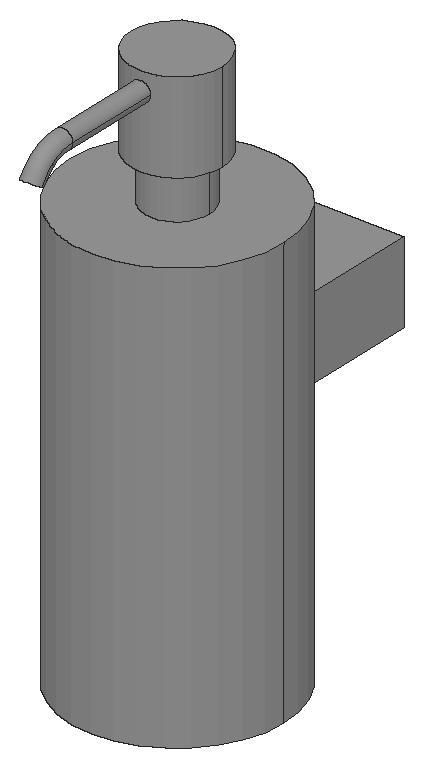
Revit family "KEUCO_14953010100", category Sonderausstattung, Revit 2016
Family settings
  Teiletyp = Normal
  Bemaßung runder Anschluss = Durchmesser verwenden
  Arbeitsebenenbasiert = Nein
  Immer vertikal = Ja
  Beim Laden mit Abzugskörper schneiden = Nein
  Gemeinsam genutzt = Nein
  Raumberechnungspunkt = Nein
Parameters
  Verwendung = "BI / GWC / WP"  # constant formula
  URL = "https://www.keuco.com"
  Serie = "Plan"  # constant formula
  Preisgruppe = "1"  # constant formula
  Material Regal [instance] = Verchromt
  Materialien bei Hersteller anfragen = "Anfrage zu:  objektmanagement@keuco.de"
  Kategorie = "ACC"  # constant formula
  Hersteller = "KEUCO"  # constant formula
  Gewicht = 382
  Description = "--"
  Ausschreibungstext = ""
  Artikelnummer = "14953010100"
Types (4, lengths in mm): name | URL | Material Regal | Materialien bei Hersteller anfragen | Description | Ausschreibungstext | Artikelnummer
  (no name) | "https://www.keuco.com" | Verchromt | "Anfrage zu:  objektmanagement@keuco.de" | "--" | "" | "14953010100"
  14953010100 | "https://www.keuco.com/de/produkte/sortiment/artikel/?pid=14953&oid=4&pgo=11&country=de&lang=de&vid=14953010100" | Verchromt | "Request to:  objektmanagement@keuco.de" | "Wandmodell, komplett mit Halter,\r\nKunststoffeinsatz und Pumpe\r\nFüllmenge: ca. 250 ml\r\nDosiermenge: ca. 0,5 ml/Hub" | "KEUCO PLAN Lotionspender 14953010100 \r\nHochglanzverchromter Lotionspender, Wandmodell \r\nin ästhetischem, funktionalem Design\r\nkomplett mit herausnehmbarem Kunststoffeinsatz \r\nfür leichtes Reinigen und leichtes Befüllen\r\nhochwertige und langlebige Pumpe\r\nFüllmenge ca. 250 ml, für handelsübliche Flüssigseifen\r\nDosiermenge ca. 0,5 ml/Hub\r\nGrundkörperdurchmesser 65 mm, Höhe 179 mm, Ausladung 123 mm\r\nDer Lotionspender wird verdeckt angebracht\r\nLieferung inkl. korrosionsfreiem Befestigungsmaterial" | "14953010100"
  14953070100 | "https://www.keuco.com/de/produkte/sortiment/artikel/?pid=14953&oid=4&pgo=11&country=de&lang=de&vid=14953070100" | Edelstahl | "Request to:  objektmanagement@keuco.de" | "Wandmodell, komplett mit Halter,\r\nKunststoffeinsatz und Pumpe\r\nFüllmenge: ca. 250 ml\r\nDosiermenge: ca. 0,5 ml/Hub" | "KEUCO PLAN Lotionspender 14953070100 \r\nLotionspender aus hochwertigem Edelstahl, Wandmodell\r\nin ästhetischem, funktionalem Design\r\nkomplett mit herausnehmbarem Kunststoffeinsatz \r\nfür leichtes Reinigen und leichtes Befüllen\r\nhochwertige und langlebige Pumpe\r\nFüllmenge ca. 250 ml, für handelsübliche Flüssigseifen\r\nDosiermenge ca. 0,5 ml/Hub\r\nGrundkörperdurchmesser 65 mm, Höhe 179 mm, Ausladung 123 mm\r\nDer Lotionspender wird verdeckt angebracht\r\nLieferung inkl. korrosionsfreiem Befestigungsmaterial" | "14953070100"
  14953170100 | "https://www.keuco.com/de/produkte/sortiment/artikel/?pid=14953&oid=4&pgo=11&country=de&lang=de&vid=14953170100" | Aluminium silber-eloxiert (E6 EV1) | "Request to:  objektmanagement@keuco.de" | "Wandmodell, komplett mit Halter,\r\nKunststoffeinsatz und Pumpe\r\nFüllmenge: ca. 250 ml\r\nDosiermenge: ca. 0,5 ml/Hub" | "KEUCO PLAN Lotionspender 14953170100 \r\nLotionspender aus silber-eloxiertem Aluminium (E6 EV1)/verchromt \r\nin ästhetischem, funktionalem Design\r\nWandmodell, komplett mit herausnehmbarem Kunststoffeinsatz \r\nfür leichtes Reinigen und leichtes Befüllen\r\nhochwertige und langlebige Pumpe\r\nDie Wandhalterung ist als Design-Element hochglanzverchromt\r\nFüllmenge ca. 250 ml, für handelsübliche Flüssigseifen\r\nDosiermenge ca. 0,5 ml/Hub\r\nGrundkörperdurchmesser 65 mm, Höhe 179 mm, Ausladung 123 mm\r\nDer Lotionspender wird verdeckt angebracht\r\nLieferung inkl. korrosionsfreiem Befestigungsmaterial" | "14953170100"
Reference planes
  plane 1 "Center (Front/Back)": y = 0
  plane 2: z = 0
  plane 3 "Center (Left/Right)": x = 0
  plane 4: y = -92
  plane 5: z = -25
  plane 6: z = 158
Forms (mm)
  Extrusion 1, solid, material "Verchromt" <- "Material Regal"
    sketch origin (0, 0, 0) x (1, 0, 0) y (0, 1, 0)
      loop
        line (22.62, -34.972) -> (22.62, 0) -> (-22.62, 0) -> (-22.62, -34.972)
        arc (-22.62, -34.972) -> (0, -26) -> (22.62, -34.972) r 33
    from -25 to 0
  Extrusion 2, solid, material "Verchromt" <- "Material Regal"
    sketch origin (0, 0, 0) x (1, 0, 0) y (0, 1, 0)
      loop
        circle (0, -59) r 33
    from -104.582 to 27.898
  Extrusion 3, solid, material "Verchromt" <- "Material Regal"
    sketch origin (0, 0, 0) x (1, 0, 0) y (0, 1, 0)
      loop
        circle (0, -59) r 10
    from 27.898 to 42.275
  Extrusion 4, solid, material "Verchromt" <- "Material Regal"
    sketch origin (0, 0, 0) x (1, 0, 0) y (0, 1, 0)
      loop
        circle (0, -59) r 14
    from 42.275 to 70
  Sweep 5, solid, material "Verchromt" <- "Material Regal"
    path origin (0, 0, 0) x (0, 1, 0) y (0, 0, 1)
      loop
        line (-73.1, 64.348) -> (-103.1, 64.348)
        arc (-103.1, 64.348) -> (-109.96, 62.51) -> (-114.982, 57.488) r 13.72
    profile origin (0, -88.1, 64.348) x (0, 0, -1) y (1, 0, 0)
      loop
        circle (0, 0) r 3
Lines and regions (mm)
  symbolic lines, style "SpecialityEquipment"
    curve 1: arc (-33, -59, 0) -> (0, -92, 0) -> (33, -59, 0) r 33
    curve 2: line (-22.62, 0, 0) -> (22.62, 0, 0)
    curve 3: line (22.62, 0, 0) -> (22.62, -34.972, 0)
    curve 4: line (-22.62, 0, 0) -> (-22.62, -34.972, 0)
    curve 5: arc (-22.62, -34.972, 0) -> (0, -92, 0) -> (22.62, -34.972, 0) r 33
Dimensions and locks
  plane 4 to plane 1 "Center (Front/Back)" = 92 mm
  plane 2 to plane 5 = 25 mm
  plane 6 to plane 5 = 183 mm
  locked: plane 2 to plane 5 at 25
  aligned and locked: level to plane 2
